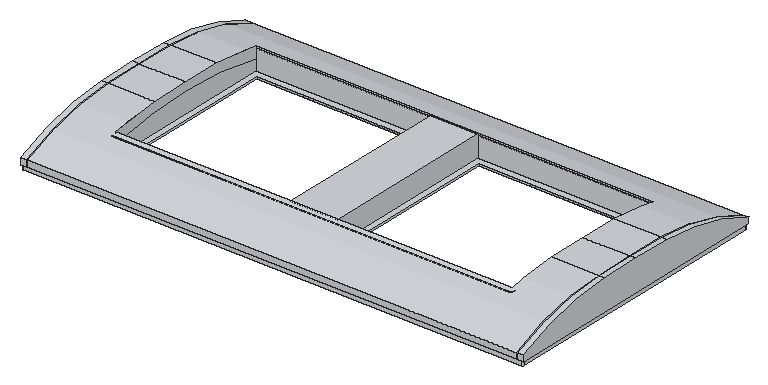
Revit family "Gira_021236", category Electrical Fixtures, host Face, Revit 2017
Family settings
  Host = Face
  Maintain Annotation Orientation = No
  Round Connector Dimension = Use Diameter
  Part Type = Normal
  Cut with Voids When Loaded = No
  Shared = No
  Room Calculation Point = No
Parameters (values of type "Cov.fr. 2-g interm.fr. CAl Gira Event c.alum.")
  With mounting grid = "No"
  With hinged lid = "No"
  URL = "http://katalog.gira.de/en/datenblatt.html?artikelnr=021236"
  Type of fastening = "Clamp mounting"
  Transparent = "No"
  Surface protection = "Other"
  Suitable for wall duct = "No"
  Suitable for flush-mounted installation = "Yes"
  Suitable for floor box = "No"
  Suitable for built-in installation = "No"
  Number of units vertical = "2"
  Number of units horizontal = "2"
  Number of units = "2"
  Name = "Cov.fr. 2-g interm.fr. CAl Gira Event c.alum."
  Mounting direction = "Horizontal and vertical"
  Material quality = "Thermoplastic"
  Material = "Plastic"
  Manufacturer URL = "https://www.gira.de/"
  Manufacturer = "Gira"
  Label space/information surface = "No"
  Keynote = ""
  HeinzeBIM = "https://bimportal.heinze.de/bim/cov-fr-2-g-interm-fr-cal-gira-event-c-alum-/cacb88e84d09e164d4724267cae50a0380f76ed4"
  Halogen free = "Yes"
  HAN = "021236"
  GTIN = "4010337212362"
  Description = "Cov.fr.2g i.fr.CAl Event CAl,Gira Event frames,colour aluminium with colour aluminium intermediate frame,2-gang,Features:,- Shatter-proof."
  Degree of protection (IP) = "IP20"
  Default Elevation = 1219.2 mm
  Data sheet (1) = "https://katalog.gira.de/en/download.html?artikelnr=021236"
  Colour = "Aluminium"
  Category = "Cover frame for domestic switching devices"
  BIM (1) = "https://media.stage.bim.site/public/gira/36a6b08/Event_Rahmen_2fach.rfa"
  Available = "No"
Reference planes
  plane 1 "Center (Front/Back)": y = 0
  plane 2: z = 0
  plane 3 "Center (Left/Right)": x = 0
Forms (mm)
  Extrusion 1, solid, detail levels fine
    sketch origin (0, 0, 0.05) x (0, 1, 0) y (0, 0, 1)
      loop
        arc (12.445, 9.683) -> (6.223, 9.833) -> (0, 9.85) r 291.636
        arc (0, 9.85) -> (-6.223, 9.833) -> (-12.445, 9.683) r 291.636
        arc (-12.445, 9.683) -> (-29.14, 7.482) -> (-45, 1.823) r 79.728
        line (-45, 1.823) -> (-45, -0.05) -> (-42.086, -0.05)
        arc (-42.086, -0.05) -> (-21.385, 5.559) -> (0, 7.206) r 114.424
        arc (0, 7.206) -> (21.385, 5.559) -> (42.086, -0.05) r 114.424
        line (42.086, -0.05) -> (45, -0.05) -> (45, 1.823)
        arc (45, 1.823) -> (29.14, 7.482) -> (12.445, 9.683) r 79.728
    from -78.55 to 78.55
  Extrusion 2, void, detail levels fine
    sketch origin (0, 0, 0) x (1, 0, 0) y (0, 1, 0)
      loop
        line (-63.55, -27.937) -> (63.55, -27.937) -> (63.55, 28.063) -> (-63.55, 28.063) -> (-63.55, -27.937)
    from 0.724 to 11
  Extrusion 3, solid, detail levels coarse
    sketch origin (0, 0, 0) x (1, 0, 0) y (0, 1, 0)
      loop
        line (-80.55, 45) -> (-80.55, -45) -> (80.55, -45) -> (80.55, 45) -> (-80.55, 45)
    from -1.5 to 9.9
  Extrusion 4, solid, detail levels medium
    sketch origin (0, 0, 0.05) x (0, 1, 0) y (0, 0, 1)
      loop
        arc (12.445, 9.683) -> (6.223, 9.833) -> (0, 9.85) r 291.636
        arc (0, 9.85) -> (-6.223, 9.833) -> (-12.445, 9.683) r 291.636
        arc (-12.445, 9.683) -> (-29.14, 7.482) -> (-45, 1.823) r 79.728
        line (-45, 1.823) -> (-45, -0.05) -> (45, -0.05) -> (45, 1.823)
        arc (45, 1.823) -> (29.14, 7.482) -> (12.445, 9.683) r 79.728
    from -80.55 to 80.55
  Extrusion 5, solid, detail levels fine
    sketch origin (-35.55, 0, -1.5) x (0, 1, 0) y (0, 0, -1)
      loop
        line (45, -3.373) -> (45, -1.5) -> (-45, -1.5) -> (-45, -3.373)
        arc (-45, -3.373) -> (-29.14, -9.032) -> (-12.445, -11.233) r 79.728
        arc (-12.445, -11.233) -> (-6.223, -11.383) -> (0, -11.4) r 291.636
        arc (0, -11.4) -> (6.223, -11.383) -> (12.445, -11.233) r 291.636
        arc (12.445, -11.233) -> (29.14, -9.032) -> (45, -3.373) r 79.728
    from 43 to 45
  Extrusion 6, solid, detail levels fine
    sketch origin (0, 0, 0) x (1, 0, 0) y (0, 1, 0)
      loop
        line (-61.45, 25.7) -> (-61.45, -25.7) -> (-9.65, -25.7) -> (-9.65, 25.7) -> (-61.45, 25.7)
      loop
        line (61.45, -25.7) -> (61.45, 25.7) -> (9.65, 25.7) -> (9.65, -25.7) -> (61.45, -25.7)
      loop
        line (-64.445, 28.49) -> (-64.445, -28.495)
        spline (-64.445, -28.495) -> (-64.436, -28.625) -> (-64.411, -28.754) -> (-64.369, -28.878) -> (-64.311, -28.995) -> (-64.238, -29.104) -> (-64.152, -29.202) -> (-64.054, -29.288) -> (-63.945, -29.361) -> (-63.828, -29.419) -> (-63.704, -29.461) -> (-63.575, -29.486) -> (-63.445, -29.495)
        line (-63.445, -29.495) -> (63.445, -29.495)
        spline (63.445, -29.495) -> (63.575, -29.486) -> (63.704, -29.461) -> (63.828, -29.419) -> (63.945, -29.361) -> (64.054, -29.288) -> (64.152, -29.202) -> (64.238, -29.104) -> (64.311, -28.995) -> (64.369, -28.878) -> (64.411, -28.754) -> (64.436, -28.625) -> (64.445, -28.495)
        line (64.445, -28.495) -> (64.445, 28.49)
        spline (64.445, 28.49) -> (64.436, 28.62) -> (64.411, 28.748) -> (64.369, 28.872) -> (64.311, 28.99) -> (64.238, 29.098) -> (64.152, 29.197) -> (64.054, 29.283) -> (63.945, 29.356) -> (63.828, 29.413) -> (63.704, 29.456) -> (63.575, 29.481) -> (63.445, 29.49)
        line (63.445, 29.49) -> (-63.445, 29.49)
        spline (-63.445, 29.49) -> (-63.575, 29.481) -> (-63.704, 29.456) -> (-63.828, 29.413) -> (-63.945, 29.356) -> (-64.054, 29.283) -> (-64.152, 29.197) -> (-64.238, 29.098) -> (-64.311, 28.99) -> (-64.369, 28.872) -> (-64.411, 28.748) -> (-64.436, 28.62) -> (-64.445, 28.49)
    from 0.1 to 7.3
  Extrusion 7, solid
    sketch origin (0, 0, 0) x (1, 0, 0) y (0, 1, 0)
      loop
        arc (-80.25, -44.2) -> (-80.104, -44.554) -> (-79.75, -44.7) r 0.5
        line (-79.75, -44.7) -> (79.75, -44.7)
        arc (79.75, -44.7) -> (80.104, -44.554) -> (80.25, -44.2) r 0.5
        line (80.25, -44.2) -> (80.25, 44.2)
        arc (80.25, 44.2) -> (80.104, 44.554) -> (79.75, 44.7) r 0.5
        line (79.75, 44.7) -> (-79.75, 44.7)
        arc (-79.75, 44.7) -> (-80.104, 44.554) -> (-80.25, 44.2) r 0.5
        line (-80.25, 44.2) -> (-80.25, -44.2)
      loop
        line (-78.55, 43) -> (-78.55, -43) -> (78.55, -43) -> (78.55, 43) -> (-78.55, 43)
    from -1.5 to 0.5
  Extrusion 8, solid, detail levels fine
    sketch origin (35.55, 0, -1.5) x (0, 1, 0) y (0, 0, 1)
      loop
        arc (45, 3.373) -> (29.14, 9.032) -> (12.445, 11.233) r 79.728
        arc (12.445, 11.233) -> (6.223, 11.383) -> (0, 11.4) r 291.636
        arc (0, 11.4) -> (-6.223, 11.383) -> (-12.445, 11.233) r 291.636
        arc (-12.445, 11.233) -> (-29.14, 9.032) -> (-45, 3.373) r 79.728
        line (-45, 3.373) -> (-45, 1.5) -> (45, 1.5) -> (45, 3.373)
    from 43 to 45
  Extrusion 9, solid, detail levels medium
    sketch origin (0, 0, 0) x (1, 0, 0) y (0, 1, 0)
      loop
        line (-80.25, -44.7) -> (80.25, -44.7) -> (80.25, 44.7) -> (-80.25, 44.7) -> (-80.25, -44.7)
    from -1.5 to 0.5
  Extrusion 10, solid, detail levels fine
    sketch origin (0, 0, 0) x (1, 0, 0) y (0, 1, 0)
      loop
        line (-7.55, 28.063) -> (-7.55, -27.937) -> (7.55, -27.937) -> (7.55, 28.063) -> (-7.55, 28.063)
    from 0.724 to 7.566
Cuts and joins
  Extrusion 2 cuts Extrusion 1
  Extrusion 2 cuts Extrusion 6
Dimensions and locks
  aligned and locked: plane 2 to host face
  aligned and locked: level to host face
